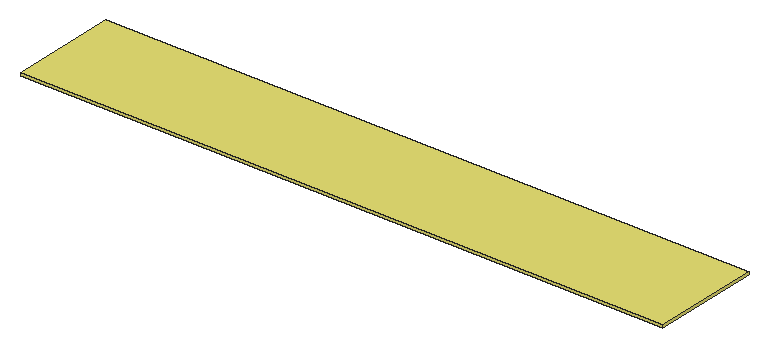
Revit family "Walkway_Flexible_KattsafeUSA_PVC", category Specialty Equipment, Revit 2026
Family settings
  Round Connector Dimension = Use Diameter
  Part Type = Normal
  Classification Number = 23.13.41.19
  Enable Cutting in Views = No
  Cut with Voids When Loaded = No
  Maintain Annotation Orientation = No
  Shared = No
  Room Calculation Point = No
Parameters (values of type "Yellow (DM)")
  WalkwayWidth = 2' - 0"
  WalkwayMaterial = Plastic_Kattsafe_Mesh_Yellow
  Type IFC Predefined Type = "USERDEFINED"
  SafetyDisclaimer [instance] = "WARNING! The correct placement of access, fall protection and facade maintenance systems is critical to ensure it is fit-for-purpose and safe for the operator to use. Did you know Kattsafe® have a dedicated team of Height Safety System Design Specialists? Kattsafe® provide one-on-one consultation and system design assistance to ensure you are meeting the stringent requirements of height safety and to give you PEACE OF MIND with your project."  # constant formula
  Export Type to IFC As = "IfcBuildingElementProxy"
  ElementType = "Roof Walkway"
  WalkwayAngleEnd2 [instance] = 0.00°
  WalkwayAngleEnd1 [instance] = 0.00°
  Uniclass2015Version = "Products v1.33"
  Uniclass2015Title = "Working platforms"
  Uniclass2015Code = "Pr_40_70_75_96"
  URL = "https://kattsafe.com"
  Type Comments = "Fibre Walkway"
  RoofPitchCalc [instance] = 90.00°
  ModifiedIssue = 20250703
  Model = "GW364Y"
  ManufacturerURLProductSpecific = "https://kattsafe.com.au/products/guardrails-walkway"
  ManufacturerSpecCode = Model  # "GW364Y"
  ManufacturerOverallWidth = WalkwayWidth  # 2' - 0"
  ManufacturerOverallLength [instance] = [built-in parameter 1001306]  # 12' - 0"
  ManufacturerOverallHeight = 0' - 0 9/16"
  Manufacturer = "Kattsafe®"  # constant formula
  built-in parameter 1001306 [instance] = 12' - 0"
  IfcExportType = "USERDEFINED"
  IfcExportAs = "IfcBuildingElementProxy"
  Description = "Kattsafe guardrail systems are the preferred method of safe access across roofs and areas close to a fall edge. The system requires no specialist PPE, personnel or training to safely prevent a fall with a walkway to designate a safe path of access across the roof surface."  # constant formula
  Default Elevation = 0' - 0"
  CreatedBy = "IGS BIM Solutions"  # constant formula
  CreatedByURL = "https://igsgroup.com.au"
  Assembly Code = "E1090100"
Types (4): name | WalkwayMaterial
  Yellow (DM) | Plastic_Kattsafe_Mesh_Yellow
  Black (DM) | Plastic_Kattsafe_Mesh_Black
  White (DM) | Plastic_Kattsafe_Mesh_White
  Light Gray (DM) | Plastic_Kattsafe_Mesh_LightGray
Reference planes (in)
  plane 1 "Front_Calc": y = -24.2126
  plane 2 "Bottom": z = 0
  plane 3 "Left": x = 0
  plane 4 "Right": x = 144
  plane 5 "Front": y = -24.2126
  plane 6 "Center (Front/Back)": y = -12.2126
  plane 7 "Center (Left/Right)": x = 72
  plane 8 "Top": z = 0.5625
  plane 9 "Left_Calc": x = 0
  plane 10 "Right_Calc": x = 144
  plane 11 "FrontSupport": y = -22.6378
  plane 12 "BackSupport": y = -1.7874
  plane 13 "Back": y = -0.2126
Lines and regions (in)
  reference lines
    curve 1: line (0, -24.2126, 0) -> (144, -24.2126, 0)
    curve 2: line (0, -24.2126, 0) -> (0.03783, -24.2126, 0)
    curve 3: line (144, -24.2126, 0) -> (143.9591, -24.2126, 0)
    curve 4: line (0, -24.2126, 0.5625) -> (0, -0.2126, 0.5625)
    curve 5: line (144, -24.2126, 0.5625) -> (144, -0.2126, 0.5625)
    curve 6: line (0, -1.7874, 0.5625) -> (144, -1.7874, 0.5625)
    curve 7: line (0, -22.6378, 0.5625) -> (144, -22.6378, 0.5625)
Text (in)
  text "Disclaimer:\nDue to ongoing product development and manufacturing \nevolution, product details are subject to change without \nnotice. Please refer to product technical data sheets on \nthe manufacturers website for the most current product \ninformation. Please allow a +/- 5mm manufacturing \ntolerance for dimensions and set-outs shown in product \nliterature." at (326.00117, 92.4875, 0), in view "Ref. Level"
Dimensions and locks (in)
  "built-in parameter 1001306": plane 3 "Left" to plane 4 "Right"
  "ManufacturerOverallHeight": plane 8 "Top" to plane 2 "Bottom"
  equal spacing: plane 3 "Left", plane 7 "Center (Left/Right)", plane 4 "Right"
  locked: plane 3 "Left" to plane 9 "Left_Calc"
  locked: plane 10 "Right_Calc" to plane 4 "Right"
  locked: plane 11 "FrontSupport" to plane 5 "Front" at 1.5748
  locked: plane 12 "BackSupport" to plane 13 "Back" at 1.5748
  equal spacing: plane 13 "Back", plane 6 "Center (Front/Back)", plane 5 "Front"
  "ManufacturerOverallWidth": plane 13 "Back" to plane 5 "Front"
  plane 1 "Front_Calc" to plane 5 "Front" = 0' - 0"
  "WalkwayAngleEnd1": angle curve 4 to plane 3 "Left"
  "WalkwayAngleEnd2": angle plane 10 "Right_Calc" to curve 5
  aligned and locked: plane 4 "Right" to curve 1
  aligned and locked: plane 1 "Front_Calc" to curve 1
  aligned and locked: plane 3 "Left" to curve 1
  aligned and locked: level to plane 2 "Bottom"
  aligned and locked: plane 4 "Right" to curve 3
  aligned and locked: plane 5 "Front" to curve 4
  aligned and locked: plane 3 "Left" to curve 4
  aligned and locked: plane 10 "Right_Calc" to curve 5
  aligned and locked: plane 5 "Front" to curve 5
  aligned and locked: plane 12 "BackSupport" to curve 6
  aligned and locked: plane 13 "Back" to curve 4
  aligned and locked: plane 13 "Back" to curve 5
  aligned and locked: nested 1 to plane 7 "Center (Left/Right)"
  aligned and locked: nested 1 to plane 6 "Center (Front/Back)"
Automatic sketch dimensions
  plane 1 "Front_Calc" to curve 2 = 0' - 0"
  curve 2 to plane 3 "Left" = 0' - 0"
  plane 1 "Front_Calc" to curve 3 = 0' - 0"
  plane 3 "Left" to curve 2 = 0' - 0.03783"
  curve 3 to plane 4 "Right" = 0' - 0.0409"
  curve 7 to plane 11 "FrontSupport" = 0' - 0"
Nested families (in)
  nested 1: "z_Walkway_Kattsafe_PVC" at (1.01514, -12.2126, 0), End1_Angle <- "WalkwayAngleEnd1", End2_Angle <- "WalkwayAngleEnd2", ManufacturerOverallWidth <- "ManufacturerOverallWidth", ManufacturerOverallLength <- "built-in parameter 1001306", type "Type 1"
    with ManufacturerOverallWidth 2' - 0", ManufacturerOverallLength 12' - 0", End2_Angle_Calc 90.00°, End2_Angle 0.00°, End1_Angle_Calc 90.00°, End1_Angle 0.00°, ManufacturerOverallHeight 0' - 0 9/16"
Definition of nested family "z_Walkway_Kattsafe_PVC"
  Parameters (values of type "Type 1")
    URL = "https://kattsafe.com.au/"
    Type Comments = ""
    Model = "GW365Y"
    Material = none
    ManufacturerOverallWidth [instance] = 2' - 0.2126"
    ManufacturerOverallLength [instance] = 12' - 0.09449"
    ManufacturerOverallHeight = 0' - 0.59055"
    Manufacturer = "Kattsafe®"  # constant formula
    Keynote = ""
    End2_Angle_Calc [instance] = if(1 = 1, End2_Angle + 90.00°, 0.00°)  # 90.00°
    End2_Angle [instance] = 0.00°
    End1_Angle_Calc [instance] = if(1 = 1, End1_Angle + 90.00°, 0.00°)  # 90.00°
    End1_Angle [instance] = 0.00°
    Description = "On-Trak Fibre Walkway Mesh (Yellow)"
    Default Elevation = 0' - 0"  # constant formula
    CreatedBy = "IGS BIM Solutions"  # constant formula
    CreatedByURL = "https://igsgroup.com.au"
  Reference planes (in)
    plane 1 "Bottom": z = 0
    plane 2 "Center (Front/Back)": y = 0
    plane 3 "Front": y = -12.1063
    plane 4 "Left": x = -1.01514
    plane 5 "Center (Left/Right)": x = 71.03211
    plane 6 "Top": z = 0.59055
    plane 7 "Right": x = 143.07935
    plane 8 "Back": y = 12.1063
  Forms (in)
    Extrusion 1, solid, material <- "Material"
      sketch origin (0, 7.29295, 0) x (1, 0, 0) y (0, 1, 0)
        loop
          line (-1.01514, 4.81335) -> (-1.01514, -19.39925) -> (143.07935, -19.39925) -> (143.07935, 4.81335) -> (-1.01514, 4.81335)
      from 0 to 0.59055
  Lines and regions (in)
    reference lines
      curve 1: line (-1.01514, -12.1063, 0) -> (-1.01514, 12.1063, 0)
      curve 2: line (143.07935, -12.1063, 0) -> (143.07935, 12.1063, 0)
  Dimensions and locks (in)
    "ManufacturerOverallWidth": plane 8 "Back" to plane 3 "Front"
    "ManufacturerOverallHeight": plane 6 "Top" to plane 1 "Bottom"
    equal spacing: plane 4 "Left", plane 5 "Center (Left/Right)", plane 7 "Right"
    "ManufacturerOverallLength": plane 4 "Left" to plane 7 "Right"
    equal spacing: plane 8 "Back", plane 2 "Center (Front/Back)", plane 3 "Front"
    "End1_Angle_Calc": angle curve 1 to plane 3 "Front"
    "End2_Angle_Calc": angle plane 3 "Front" to curve 2
    aligned and locked: plane 1 "Bottom" to level
    aligned and locked: Extrusion 1 to plane 1 "Bottom"
    aligned and locked: Extrusion 1 to plane 6 "Top"
    aligned and locked: plane 4 "Left" to curve 1
    aligned and locked: plane 3 "Front" to curve 1
    aligned and locked: plane 8 "Back" to curve 1
    aligned and locked: plane 7 "Right" to curve 2
    aligned and locked: plane 3 "Front" to curve 2
    aligned and locked: plane 8 "Back" to curve 2
    aligned and locked: Extrusion 1 sketch curve to curve 1
    aligned and locked: Extrusion 1 sketch curve to curve 2
    aligned and locked: Extrusion 1 to plane 8 "Back"
  Automatic sketch dimensions
    Extrusion 1 sketch curve to plane 7 "Right" = 0' - 0"
    Extrusion 1 sketch curve to plane 8 "Back" = 0' - 0"
